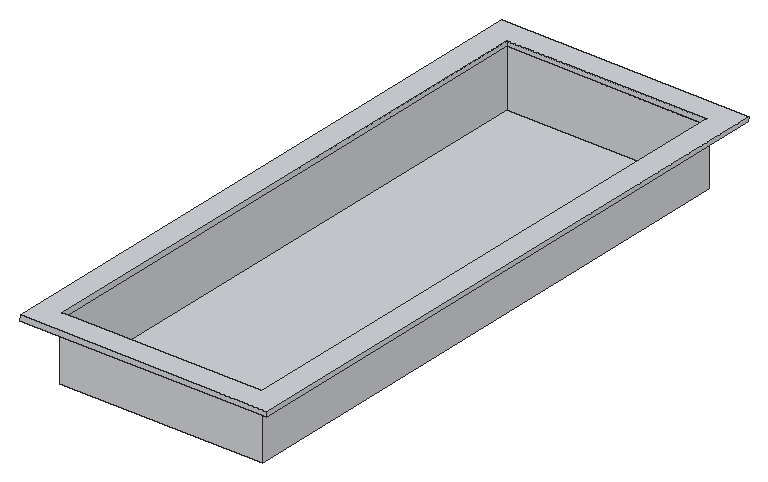
Revit family "Hager-VOLTA-Flush_mounted-Other-Without_Cover-Without_DIN-Hosted-DE-de", category Electrical Equipment, host Face, Revit 2023
Family settings
  Host = Face
  Panel Configuration = Two Columns, Circuits Across
  Round Connector Dimension = Use Diameter
  Part Type = Panelboard
  Cut with Voids When Loaded = No
  Maintain Annotation Orientation = Yes
  Shared = No
  Room Calculation Point = No
Parameters (values of type "VOLTA-Flush_mounted_W348_H880_D98_12_Modular_Spacing-VU60NK")
  Width Control [instance] = if([HG000006-Flush mounted], if([EF000846 - Einbaubreite] > min_whd, [EF000846 - Einbaubreite], min_whd), if([EF000008 - Breite] > min_whd, ([EF000008 - Breite]), min_whd))  # 314 mm
  Void Depth [instance] = if([HG000006-Flush mounted], Depth Control, 1 mm)  # 90 mm
  Uniformat code = "D501001"
  Uniformat = "Low Tension Service & Dist."
  Type Comments = ""
  System Height [instance] = Height Control - 2 * [HG000005-Dicke]  # 861 mm
  Reference description = ""
  Reference = "VOLTA-Flush_mounted_W348_H880_D98_12_Modular_Spacing-VU60NK"
  Object type = ""
  Name hager = "ADD_Enclosures_EC000214"
  Name BIM&CO = "Electricity"
  Name = "VOLTA-Flush_mounted-Other-Without_Cover-Without_DIN-DE"
  Model = ""
  HGEF0002950-Breite in Teilungseinheiten = 12
  HGEF000266-Anzahl der Reihen = 5
  HG000131 - Funktionell label [instance] = ""
  HG000130 - Functional name [instance] = ""
  HG000099-Onfly Template ID-de-DE = "507532"
  HG000060-RAL-number = "9010"
  HG000059 - Betriebsspannung [instance] = 230 V
  HG000017-Distanz zwischen den Polen = 18 mm
  HG000016-3D-Türsichtbarkeit = yes
  HG000015-Sichtbarkeit der Türöffnung = yes
  HG000014-Tür rechts = yes
  HG000013-Tür links = no
  HG000012-Türschwenkwinkel = 90.00°
  HG000011-Leere Reihen von unten = no
  HG000010-Asymmetrische Türen = no
  HG000009-Doppelflügeligen Tür = no
  HG000008-Anzahl der leeren Reihen = 0
  HG000007-Anzahl der leeren Spalten = 0
  HG000006-Flush mounted = yes
  HG000005-Dicke = 2 mm
  HG000004-Herstellerreferenz = "VU60NK"
  HG000003-Bereich = "VOLTA"
  HG000002-Mit tür = no
  HG000001-Anzahl der Spalten = 0
  GTIN (Global Trade Item Number) = ""
  ETIM class name = "Small distribution board"
  ETIM class code = "EC000214"
  EF015941 - Signaldurchlassende Tür = no
  EF015777 - Neutralleiterklemmenblock = no
  EF015776 - Erdungsklemmenblock = no
  EF009212 - Ausführung Deckel = ""
  EF006306 - Mit Schloss = no
  EF006244 - Transparenter Deckel/Tür = no
  EF005474 - Schutzart (IP) = "sonstige"
  EF004464 - Art der Tür = ""
  EF004462 - Art der Schließung = "sonstige"
  EF002950 - Breite in Teilungseinheiten = 12
  EF001596 - Werkstoff des Gehäuses = ""
  EF001134 - DIN-Schiene = no
  EF001131 - Innentiefe = 0 mm
  EF001088 - Anbaumöglichkeit = yes
  EF001062 - EMV-Ausführung = no
  EF000846 - Einbaubreite = 314 mm
  EF000339 - Art der Abdeckung = ""
  EF000332 - Einbauhöhe = 865 mm
  EF000266 - Anzahl der Reihen = 5
  EF000218 - Einbautiefe = 90 mm
  EF000118 - Mit Montageplatte = no
  EF000116 - RAL-Nummer = 9010
  EF000049 - Tiefe = 98 mm
  EF000040 - Höhe = 880 mm
  EF000024 - UV-beständig = no
  EF000008 - Breite = 348 mm
  EF000007 - Farbe = "weiß"
  EF000003 - Montageart = "Unterputz"
  Creation Date = "12/15/2025 21:44:18"
  Code hager = "ADD-EC000214_EU"
  BIM&CO code = ""
  BC_VARIANT_ID = "1174210"
  BC_OBJECT_VERSION = "#3"  # constant formula
  BC_OBJECT_ID = "513477"  # constant formula
  BC_MODEL_ID = "1547171"  # constant formula
  Arrow Offset [instance] = Depth Control / 8  # 11.25 mm
  Arrow Height [instance] = Depth Control - Arrow Offset  # 78.75 mm
  Host Offset [instance] = if([HG000006-Flush mounted], 0 mm, [EF000049 - Tiefe])  # 0 mm
  min_whd [instance] = (2 * [HG000005-Dicke]) + 1 mm  # 5 mm
  Manufacturer = "Hager"  # constant formula
  Height Control [instance] = if([HG000006-Flush mounted], if([EF000332 - Einbauhöhe] > min_whd, [EF000332 - Einbauhöhe], min_whd), if([EF000040 - Höhe] > min_whd, ([EF000040 - Höhe]), min_whd))  # 865 mm
  Flush Mounted - Door Frame Width [instance] = if(([EF000040 - Höhe] - [EF000332 - Einbauhöhe]) > 0 mm, if([HG000006-Flush mounted], [EF000040 - Höhe] - [EF000332 - Einbauhöhe], 0 mm), 0 mm)  # 15 mm
  Depth Control [instance] = if([HG000006-Flush mounted], if([EF000218 - Einbautiefe] > 0 mm, [EF000218 - Einbautiefe], 1 mm), if([EF000049 - Tiefe] > 0 mm, ([EF000049 - Tiefe]), 1 mm))  # 90 mm
  Default Elevation = 0 mm
Types (5, lengths in mm): name | System Height | Reference | HGEF000266-Anzahl der Reihen | HG000060-RAL-number | HG000004-Herstellerreferenz | EF009212 - Ausführung Deckel | EF004462 - Art der Schließung | EF001062 - EMV-Ausführung | EF000332 - Einbauhöhe | EF000266 - Anzahl der Reihen | EF000116 - RAL-Nummer | EF000049 - Tiefe | EF000040 - Höhe | EF000008 - Breite | EF000007 - Farbe | BC_VARIANT_ID | Height Control | Flush Mounted - Door Frame Width
  VOLTA-Flush_mounted_W330_H355_D94_12_Modular_Spacing-VU12NK | 342 | "VOLTA-Flush_mounted_W330_H355_D94_12_Modular_Spacing-VU12NK" | 1 | "7035" | "VU12NK" | "geschlossen" | "" | yes | 346 | 1 | 7035 | 94 | 355 | 330 | "grau" | "1174205" | 346 | 9
  VOLTA-Flush_mounted_W348_H505_D98_12_Modular_Spacing-VU24NK | 467 | "VOLTA-Flush_mounted_W348_H505_D98_12_Modular_Spacing-VU24NK" | 2 | "9010" | "VU24NK" | "" | "sonstige" | no | 471 | 2 | 9010 | 98 | 505 | 348 | "weiß" | "1174206" | 471 | 34
  VOLTA-Flush_mounted_W348_H630_D98_12_Modular_Spacing-VU36NK | 592 | "VOLTA-Flush_mounted_W348_H630_D98_12_Modular_Spacing-VU36NK" | 3 | "9010" | "VU36NK" | "" | "sonstige" | no | 596 | 3 | 9010 | 98 | 630 | 348 | "weiß" | "1174208" | 596 | 34
  VOLTA-Flush_mounted_W348_H755_D98_12_Modular_Spacing-VU48NK | 717 | "VOLTA-Flush_mounted_W348_H755_D98_12_Modular_Spacing-VU48NK" | 4 | "9010" | "VU48NK" | "" | "sonstige" | no | 721 | 4 | 9010 | 98 | 755 | 348 | "weiß" | "1174209" | 721 | 34
  VOLTA-Flush_mounted_W348_H880_D98_12_Modular_Spacing-VU60NK | 861 | "VOLTA-Flush_mounted_W348_H880_D98_12_Modular_Spacing-VU60NK" | 5 | "9010" | "VU60NK" | "" | "sonstige" | no | 865 | 5 | 9010 | 98 | 880 | 348 | "weiß" | "1174210" | 865 | 15
Reference planes
  plane 1 "Center (Front/Back)": y = 0
  plane 2: z = 0
  plane 3 "Center (Left/Right)": x = 0
  plane 4: z = 0
  plane 5: y = 17
  plane 6: z = -5
  plane 7: y = 447.5
  plane 8: y = 15
  plane 9: y = 880
  plane 10: z = -90
  plane 11: x = -157
  plane 12: x = 157
  plane 13: x = 155
  plane 14: x = -155
  plane 15: y = 878
  plane 16: z = -88
  plane 17: z = -2
  plane 18: z = -90
  plane 19: z = -2
  plane 20 "Annotation H": y = -100
  plane 21 "Annotation V": x = 457
Forms (mm)
  Extrusion 1, solid
    sketch origin (-583.045, 15, 1219.2) x (-1, 0, 0) y (0, 0, 1)
      loop
        line (-426.045, -1219.2) -> (-740.045, -1219.2) -> (-740.045, -1309.2) -> (-426.045, -1309.2) -> (-426.045, -1219.2)
    from 0 to 865 <- "Height Control"
  Extrusion 2, void
    sketch origin (-381.607, -4572, 0) x (0, -1, 0) y (-1, 0, 0)
      loop
        line (-5450, -226.607) -> (-5450, -536.607) -> (-4589, -536.607) -> (-4589, -226.607) -> (-5450, -226.607)
    from 0 to 88
  Extrusion 3, void
    sketch origin (0, 0, 0) x (1, 0, 0) y (0, 1, 0)
      loop
        line (-157, 15) -> (157, 15) -> (157, 880) -> (-157, 880) -> (-157, 15)
    from -90 to 1
  Extrusion 4, solid, detail levels coarse+medium
    sketch origin (-381.607, -4572, 0) x (-1, 0, 0) y (0, -1, 0)
      loop
        line (-226.607, -5450) -> (-226.607, -4589) -> (-536.607, -4589) -> (-536.607, -5450) -> (-226.607, -5450)
    from 0 to -2
Cuts and joins
  Extrusion 2 cuts Extrusion 1
Dimensions and locks
  plane 4 to plane 6 = 5 mm
  "Host Offset": plane 4 to host face
  "Flush Mounted - Door Frame Width": plane 1 "Center (Front/Back)" to plane 8
  "HG000005-Dicke": plane 5 to plane 8
  locked: connector elem to plane 3 "Center (Left/Right)"
  "Height Control": plane 9 to plane 8
  equal spacing: plane 9, plane 7, plane 8
  locked: connector elem to plane 7
  "Depth Control": plane 4 to plane 10
  "HG000005-Dicke": plane 11 to plane 14
  "HG000005-Dicke": plane 12 to plane 13
  equal spacing: plane 11, plane 3 "Center (Left/Right)", plane 12
  "Width Control": plane 11 to plane 12
  "Arrow Offset": nested 4 to plane 10
  "HG000005-Dicke": plane 9 to plane 15
  "HG000005-Dicke": plane 16 to plane 10
  "HG000005-Dicke": plane 4 to plane 17
  "Void Depth": plane 2 to plane 18
  "HG000005-Dicke": plane 4 to plane 19
  locked: plane 20 "Annotation H" to plane 1 "Center (Front/Back)" at 100
  locked: plane 12 to plane 21 "Annotation V" at 300
  aligned and locked: plane 2 to host face
  aligned and locked: level to host face
  aligned and locked: plane 3 "Center (Left/Right)" to nested 2
  aligned and locked: plane 4 to nested 2
  aligned and locked: nested 2 to plane 8
  aligned and locked: nested 1 to plane 6
  aligned and locked: plane 5 to nested 1
  aligned and locked: nested 4 to plane 11
  aligned and locked: nested 3 to plane 4
  aligned and locked: Extrusion 1 sketch curve to plane 12
  aligned and locked: Extrusion 1 sketch curve to plane 11
  aligned and locked: nested 3 to plane 10
  aligned and locked: plane 10 to Extrusion 1 sketch curve
  aligned and locked: plane 5 to Extrusion 2 sketch curve
  aligned and locked: Extrusion 2 sketch curve to plane 15
  aligned and locked: Extrusion 2 sketch curve to plane 14
  aligned and locked: Extrusion 2 sketch curve to plane 13
  aligned and locked: plane 11 to Extrusion 3 sketch curve
  aligned and locked: plane 9 to Extrusion 3 sketch curve
  aligned and locked: Extrusion 3 sketch curve to plane 8
  aligned and locked: plane 12 to Extrusion 3 sketch curve
  aligned and locked: nested 3 to plane 12
  aligned and locked: Extrusion 3 to plane 18
  aligned and locked: Extrusion 2 to plane 16
  aligned and locked: Extrusion 1 sketch curve to plane 4
  aligned and locked: Extrusion 4 to plane 17
  aligned and locked: Extrusion 4 sketch curve to plane 15
  aligned and locked: Extrusion 4 sketch curve to plane 13
  aligned and locked: Extrusion 4 sketch curve to plane 14
  aligned and locked: plane 5 to Extrusion 4 sketch curve
  aligned and locked: nested 5 to plane 21 "Annotation V"
  aligned and locked: plane 20 "Annotation H" to nested 5
Automatic sketch dimensions
  host sketch curve to host sketch curve = 1469.727 mm
  host sketch curve to host sketch curve = 1434.803 mm
Nested families
  nested 1: "Hager_Enclosure_System" at (0, 17, -5) x (1, 0, 0) z (0, 1, 0), Height <- "System Height", Flush_Mounted <- "HG000006-Flush mounted", Width_Control <- "Width Control", Built-in_Width <- "EF000846 - Einbaubreite", Width <- "EF000008 - Breite", Depth <- "HG000005-Dicke", Border <- "HG000005-Dicke", Distance_Between_Poles <- "HG000017-Distanz zwischen den Polen", Empty_Columns <- "HG000007-Anzahl der leeren Spalten", Total_No_Empty_Rows <- "HG000008-Anzahl der leeren Reihen", Empty_Rows_From_Bottom <- "HG000011-Leere Reihen von unten", Columns_Count <- "HG000001-Anzahl der Spalten", Rows_Count <- "HGEF000266-Anzahl der Reihen", Row_Module_Multiplicator <- "HGEF0002950-Breite in Teilungseinheiten", type "Hager_Enclosure_System", detail levels fine
    with Width_Control 314 mm, Width 348 mm, Total_No_Rows 5, Total_No_Empty_Rows 0, Total_No_Columns 1, System_Width 310 mm, Rows_Count 5, Rows_Column 5, Row_Module_Multiplicator 12, Panel_4 no, Panel_3 no, Panel_2 no, Panel_1 no, No_Panels_Ctrl 1, Hide_Columns yes, Height 861 mm, Flush_Mounted yes, Empty_Rows_From_Bottom no, Empty_Rows_Column 0, Empty_Columns 0, Empty column 4 0, Empty column 3 0, Empty column 2 0, Empty column 1 0, Distance_Between_Poles 18 mm, Depth 2 mm, Columns_Count 0, Column_Width 310 mm, Built-in_Width 314 mm, Border 2 mm
  nested 2: "Hager_Enclosure_Door" at (0, 15, 0) x (1, 0, 0) z (0, 1, 0), Flush_Mounted <- "HG000006-Flush mounted", Height_Ctrl <- "Height Control", Width_Ctrl <- "Width Control", BuiltIn_Depth <- "EF000218 - Einbautiefe", Depth <- "EF000049 - Tiefe", BuiltIn_Width <- "EF000846 - Einbaubreite", Height <- "EF000040 - Höhe", BuiltIn_Height <- "EF000332 - Einbauhöhe", Width <- "EF000008 - Breite", Transparent <- "EF006244 - Transparenter Deckel/Tür", Border <- "HG000005-Dicke", Door <- "HG000002-Mit tür", Double <- "HG000009-Doppelflügeligen Tür", Assymetrical <- "HG000010-Asymmetrische Türen", Angle <- "HG000012-Türschwenkwinkel", Door_Left <- "HG000013-Tür links", Door_Right <- "HG000014-Tür rechts", Clearance <- "HG000015-Sichtbarkeit der Türöffnung", 3d_Door <- "HG000016-3D-Türsichtbarkeit", type "Hager_Enclosure_Door", detail levels medium+fine
    with min_wh 5 mm, Width_Ctrl 314 mm, Width 348 mm, Transparent_Door_No_Bottom_Border no, Transparent no, Leaf_Width 307 mm, Leaf_Tolerance 1.5 mm, Leaf_Height 858 mm, Leaf_2_Width 307 mm, Leaf_2_Offset 153.5 mm, Leaf_1_Width 307 mm, Leaf_1_Offset 153.5 mm, Height_Ctrl 865 mm, Height 880 mm, Frame_Width_Ctrl 34 mm, Frame_Width 34 mm, Frame_Internal_Offset 2 mm, Frame_Height_Ctrl 15 mm, Frame_Height 15 mm, Frame_Depth_Ctrl 8 mm, Frame_Depth 8 mm, Flush_Mounted yes, Double_Clearance_Ctrl no, Double no, Door_Right_Ctrl no, Door_Right yes, Door_Left_Ctrl no, Door_Left no, Door no, Depth 98 mm, Clearance_Depth 307 mm, Clearance_Ctrl yes, Clearance yes, BuiltIn_Width 314 mm, BuiltIn_Height 865 mm, BuiltIn_Depth 90 mm, Border 2 mm, Assymetrical no, Angle 90.00°, 3d_Door yes
  nested 3: "Hager_Enclosure_Symbol_Triangle" at (-157, 0, -90) x (1, 0, 0) z (0, -1, 0), Depth <- "Depth Control", Width <- "Width Control", type "Hager_Enclosure_Symbol_Triangle"
    with Width_Ctrl 314 mm, Width 314 mm, Depth_Ctrl 90 mm, Depth 90 mm
  nested 4: "Hager_Enclosure_Symbol_Arrow" at (-157, 0, -78.75) x (1, 0, 0) z (0, -1, 0), Height <- "Arrow Height", type "Hager_Enclosure_Symbol_Arrow"
    with Width_Inside 5.906 mm, Width 70.875 mm, Height_Ctrl 78.75 mm, Height 78.75 mm
  nested 5: "Hager_Annotation-HG000130" at (457, -100, 0) x (-1, 0, 0) z (0, 0, 1), HG000130 - Functional name <- "HG000130 - Functional name", type "Hager_Annotation-HG000130"
    with HG000130 - Functional name ""
Connectors
  electrical at (0, 447.5, -90)
    settings: on plane 10, index 1, voltage 0 V, apparent load 0 VA, apparent load phase1 0 VA, apparent load phase2 0 VA, apparent load phase3 0 VA, power factor 1, load classification "Other", number of poles 1, system type 30, power factor state 1, is connector primary yes, connector utility no, sub classification motor no, connector description ""
Definition of nested family "Hager_Enclosure_Door"
  Parameters (values of type "Hager_Enclosure_Door")
    min_wh [instance] = (2 * Border) + 1 mm  # 11 mm
    Width_Ctrl [instance] = 400 mm
    Width [instance] = 500 mm
    Transparent_Door_No_Bottom_Border [instance] = no
    Transparent [instance] = yes
    Leaf_Width [instance] = if((Width_Ctrl - 2 * Border - 2 * Leaf_Tolerance) > 0 mm, (Width_Ctrl - 2 * Border - 2 * Leaf_Tolerance), min_wh)  # 387 mm
    Leaf_Tolerance [instance] = 1.5 mm  # constant formula
    Leaf_Height [instance] = if((Height_Ctrl - 2 * Border - 2 * Leaf_Tolerance) > 0 mm, (Height_Ctrl - 2 * Border - 2 * Leaf_Tolerance), min_wh)  # 387 mm
    Leaf_2_Width [instance] = if(and(and(Double, Assymetrical), Door_Left), (Leaf_Width / 3) - (Leaf_Tolerance / 2), if(and(and(Double, Assymetrical), Door_Right), (Leaf_Width / 3) * 2 - (Leaf_Tolerance / 2), if(and(Double, not(Assymetrical)), (Leaf_Width / 2) - Leaf_Tolerance, Leaf_Width)))  # 387 mm
    Leaf_2_Offset [instance] = if(and(Double, Assymetrical), Leaf_2_Width / 2, if(and(Double, not(Assymetrical)), Leaf_Width / 4, Leaf_Width / 2))  # 193.5 mm
    Leaf_1_Width [instance] = if(and(and(Double, Assymetrical), Door_Right), (Leaf_Width / 3) - (Leaf_Tolerance / 2), if(and(and(Double, Assymetrical), Door_Left), (Width / 3) * 2 - (Leaf_Tolerance / 2), if(and(Double, not(Assymetrical)), (Leaf_Width / 2) - Leaf_Tolerance, Leaf_Width)))  # 387 mm
    Leaf_1_Offset [instance] = if(and(Double, Assymetrical), Leaf_1_Width / 2, if(and(Double, not(Assymetrical)), Leaf_Width / 4, Leaf_Width / 2))  # 193.5 mm
    Height_Ctrl [instance] = 400 mm
    Height [instance] = 500 mm
    Frame_Width_Ctrl [instance] = if(Frame_Width > 0 mm, Frame_Width, 1 mm)  # 1 mm
    Frame_Width [instance] = Width - BuiltIn_Width  # 0 mm
    Frame_Internal_Offset [instance] = if(Flush_Mounted, Border, 0 mm)  # 5 mm
    Frame_Height_Ctrl [instance] = if(Frame_Height > 0 mm, Frame_Height, 1 mm)  # 1 mm
    Frame_Height [instance] = Height - BuiltIn_Height  # 0 mm
    Frame_Depth_Ctrl [instance] = if(Frame_Depth > 0 mm, Frame_Depth, 1 mm)  # 1 mm
    Frame_Depth [instance] = if(Depth - BuiltIn_Depth > 0 mm, if(Flush_Mounted, Depth - BuiltIn_Depth, 0 mm), 0 mm)  # 0 mm
    Flush_Mounted [instance] = yes
    Double_Clearance_Ctrl [instance] = and(Double, Clearance)  # no
    Double [instance] = no
    Door_Right_Ctrl [instance] = and(or(Door_Right, Double), Door)  # yes
    Door_Right [instance] = yes
    Door_Left_Ctrl [instance] = and(or(Door_Left, Double), Door)  # no
    Door_Left [instance] = no
    Door [instance] = yes
    Depth [instance] = 500 mm
    Default Elevation = 1219.2 mm
    Clearance_Material = none
    Clearance_Depth [instance] = if(Leaf_1_Width > Leaf_2_Width, Leaf_1_Width, Leaf_2_Width)  # 387 mm
    Clearance_Ctrl [instance] = and(not(Double), Clearance)  # yes
    Clearance [instance] = yes
    BuiltIn_Width [instance] = 500 mm
    BuiltIn_Height [instance] = 500 mm
    BuiltIn_Depth [instance] = 500 mm
    Border [instance] = 5 mm
    Assymetrical [instance] = yes
    Angle [instance] = 30.00°
    3d_Door [instance] = yes
  Reference planes
    plane 1 "Center (Front/Back)": y = 0
    plane 2 "Bottom": z = 0
    plane 3 "Center (Left/Right)": x = 0
    plane 4: z = 400
    plane 5: x = -200
    plane 6: x = 200
    plane 7: z = 395
    plane 8: x = -195
    plane 9: z = 5
    plane 10: x = 195
    plane 11: y = 0
    plane 12: z = 6.5
    plane 13: x = -582
    plane 14: y = -387
    plane 15: x = 582
    plane 16: x = 0
    plane 17: x = 0
    plane 18: x = -193.5
    plane 19: x = 193.5
    plane 20: z = 393.5
  Forms (mm)
    Extrusion 1, solid, visible <- "Flush_Mounted"
      sketch origin (0, 0, 0) x (1, 0, 0) y (0, 0, 1)
        loop
          line (195, 5) -> (195, 395) -> (-195, 395) -> (-195, 5) -> (195, 5)
        loop
          line (-201, 401) -> (-201, -1) -> (201, -1) -> (201, 401) -> (-201, 401)
      from 0 to 1 <- "Frame_Depth_Ctrl"
    Extrusion 2, solid, material <- "Clearance_Material", visible <- "Double_Clearance_Ctrl"
      sketch origin (1200, 0, 0) x (1, 0, 0) y (0, 0, -1)
        loop
          line (-1782, -393.5) -> (-618, -393.5) -> (-618, 0) -> (-1782, 0) -> (-1782, -393.5)
      from 0 to -387
  Dimensions and locks
    equal spacing: plane 5, plane 3 "Center (Left/Right)", plane 6
    "Width_Ctrl": plane 5 to plane 6
    "Border": plane 5 to plane 8
    "Border": plane 6 to plane 10
    "Border": plane 9 to level
    "Border": plane 4 to plane 7
    "Height_Ctrl": plane 4 to level
    "Leaf_Tolerance": plane 12 to plane 9
    "Frame_Depth": plane 11 to plane 1 "Center (Front/Back)"
    "Frame_Width_Ctrl": plane 5 to Extrusion 1 sketch curve
    "Frame_Width_Ctrl": plane 6 to Extrusion 1 sketch curve
    "Frame_Width_Ctrl": Extrusion 1 sketch curve to plane 4
    "Frame_Width_Ctrl": plane 2 "Bottom" to Extrusion 1 sketch curve
    "Leaf_1_Offset": plane 18 to plane 16
    "Leaf_2_Offset": plane 17 to plane 19
    "Leaf_1_Width": plane 13 to plane 8
    "Leaf_2_Width": plane 10 to plane 15
    "Clearance_Depth": plane 14 to plane 1 "Center (Front/Back)"
    "Leaf_Tolerance": plane 8 to plane 18
    "Leaf_Tolerance": plane 19 to plane 10
    "Leaf_Tolerance": plane 7 to plane 20
    "Frame_Internal_Offset": plane 5 to Extrusion 1 sketch curve
    "Frame_Internal_Offset": Extrusion 1 sketch curve to plane 2 "Bottom"
    "Frame_Internal_Offset": plane 6 to Extrusion 1 sketch curve
    "Frame_Internal_Offset": plane 4 to Extrusion 1 sketch curve
    aligned and locked: level to plane 2 "Bottom"
    aligned and locked: nested 1 to plane 16
    aligned and locked: nested 2 to plane 17
    aligned and locked: Extrusion 2 to plane 13
    aligned and locked: plane 15 to Extrusion 2
    aligned and locked: Extrusion 2 to plane 14
    aligned and locked: plane 12 to nested 1
    aligned and locked: nested 2 to plane 12
    aligned and locked: Extrusion 2 to plane 11
    aligned and locked: plane 20 to Extrusion 2
    aligned and locked: nested 2 to plane 11
    aligned and locked: nested 1 to plane 11
  Automatic sketch dimensions
    Extrusion 2 sketch curve to level = 0 mm
    plane 5 to Extrusion 2 sketch curve = 382 mm
    plane 6 to Extrusion 2 sketch curve = 382 mm
    Extrusion 2 sketch curve to plane 4 = 6.5 mm
  Nested families
    nested 1: "Hager_Enclosure_Door_Leaf" at (0, 0, 6.5), Width <- "Leaf_1_Width", visible <- "Door_Left_Ctrl", Leaf_Height <- "Leaf_Height", Angle <- "Angle", Depth <- "Border", 3d_Door <- "3d_Door", Transparent <- "Transparent", Clearance Material <- "Clearance_Material", Clearance <- "Clearance_Ctrl", Transparent_Door_No_Bottom_Border <- "Transparent_Door_No_Bottom_Border", type "Hager_Enclosure_Door_Leaf"
      with Width 387 mm, Transparent_Door_No_Bottom_Border no, Transparent_Door_Border_Bottom_Top 25 mm, Transparent_Door_Border 25 mm, Transparent_Ctrl yes, Transparent yes, Standard no, Leaf_Height 387 mm, Glass_Offset 1 mm, Depth 5 mm, Clearance Material none, Clearance yes, Angle_Ctrl 30.00°, Angle 30.00°, 3d_Door yes
    nested 2: "Hager_Enclosure_Door_Leaf" at (0, 0, 6.5) x (-1, 0, 0) z (0, 0, 1), Width <- "Leaf_2_Width", visible <- "Door_Right_Ctrl", Leaf_Height <- "Leaf_Height", Angle <- "Angle", Depth <- "Border", 3d_Door <- "3d_Door", Transparent <- "Transparent", Clearance Material <- "Clearance_Material", Clearance <- "Clearance_Ctrl", Transparent_Door_No_Bottom_Border <- "Transparent_Door_No_Bottom_Border", type "Hager_Enclosure_Door_Leaf"
      with Width 387 mm, Transparent_Door_No_Bottom_Border no, Transparent_Door_Border_Bottom_Top 25 mm, Transparent_Door_Border 25 mm, Transparent_Ctrl yes, Transparent yes, Standard no, Leaf_Height 387 mm, Glass_Offset 1 mm, Depth 5 mm, Clearance Material none, Clearance yes, Angle_Ctrl 30.00°, Angle 30.00°, 3d_Door yes
  Definition of nested family "Hager_Enclosure_Door_Leaf"
    Parameters (values of type "Hager_Enclosure_Door_Leaf")
      Width [instance] = 2000 mm
      Transparent_Door_No_Bottom_Border [instance] = yes
      Transparent_Door_Border_Bottom_Top [instance] = if(Transparent_Door_No_Bottom_Border, 0.1 mm, Transparent_Door_Border)  # 0.1 mm
      Transparent_Door_Border [instance] = if(Transparent_Door_No_Bottom_Border, (Width * 0.12), 25 mm)  # 240 mm
      Transparent_Ctrl [instance] = and(Transparent, [3d_Door])  # yes
      Transparent [instance] = yes
      Standard [instance] = and(not(Transparent), [3d_Door])  # no
      Leaf_Height [instance] = 2720.336 mm
      Glass_Offset [instance] = if((Depth - 10 mm) / 2 > 0 mm, (Depth - 10 mm) / 2, 1 mm)  # 15 mm
      Glass_Material = none
      Depth [instance] = 40 mm
      Default Elevation = 0 mm
      Clearance Material [instance] = none
      Clearance [instance] = yes
      Angle_Ctrl [instance] = if(Angle > 170.00°, 170.00°, Angle)  # 45.00°
      Angle [instance] = 45.00°
      3d_Door [instance] = yes
    Reference planes
      plane 1 "Center (Front/Back)": y = 0
      plane 2: z = 0
      plane 3 "Center (Left/Right)": x = 0
      plane 4: y = 2000
      plane 5: x = -1000
      plane 6: x = 1000
      plane 7: x = -3000
      plane 8: z = 2720.336
      plane 9: z = 0.1
      plane 10: z = 2720.236
      plane 11: x = 760
      plane 12: x = -760
    Forms (mm)
      Extrusion 1, solid, material <- "Clearance Material", visible <- "Clearance"
        sketch origin (0, 0, 0) x (1, 0, 0) y (0, 0, 1)
          loop
            line (-3000, 2720.336) -> (-3000, 0) -> (1000, 0) -> (1000, 2720.336) -> (-3000, 2720.336)
        from 0 to -2000
      Extrusion 2, solid, visible <- "Standard", detail levels medium+fine
        sketch origin (-1000, 0, 0) x (0.707107, 0.707107, 0) y (-0.707107, 0.707107, 0)
          loop
            line (0, -40) -> (2000, -40) -> (2000, 0) -> (0, 0) -> (0, -40)
        from 0 to 2720.336 <- "Leaf_Height"
      Extrusion 3, solid, visible <- "Transparent_Ctrl", detail levels medium+fine
        sketch origin (-1000, 0, 0) x (0.707107, 0.707107, 0) y (-0.707107, 0.707107, 0)
          loop
            line (0, -40) -> (2000, -40) -> (2000, 0) -> (0, 0) -> (0, -40)
        from 0 to 2720.336 <- "Leaf_Height"
      Extrusion 4, void, detail levels medium+fine
        sketch origin (-1000, 0, 0) x (-0.707107, 0.707107, 0) y (0.707107, 0.707107, 0)
          loop
            line (0, 240) -> (0, 1760) -> (-40, 1760) -> (-40, 240) -> (0, 240)
        from -2720.236 to -0.1
      Extrusion 5, solid, material <- "Glass_Material", visible <- "Transparent_Ctrl", detail levels medium+fine
        sketch origin (-1000, 0, 0) x (0.707107, 0.707107, 0) y (-0.707107, 0.707107, 0)
          loop
            line (240, -15) -> (240, -25) -> (1760, -25) -> (1760, -15) -> (240, -15)
        from 0.1 to 2720.236
    Cuts and joins
      Extrusion 4 cuts Extrusion 3
    Lines and regions (mm)
      symbolic lines
        curve 1: line (1000, 0, 0) -> (-3000, 0, 0)
        curve 2: arc (1000, 0, 0) -> (-1000, 2000, 0) -> (-3000, 0, 0) r 2000
        curve 4: line (-1000, 0, 0) -> (414.214, 1414.214, 0)
      reference lines
        curve 3: line (-1000, 0, 0) -> (414.214, 1414.214, 0)
      symbolic lines, detail levels medium+fine
        curve 5: line (414.214, 1414.214, 0) -> (442.498, 1385.929, 0)
        curve 6: line (442.498, 1385.929, 0) -> (-971.716, -28.284, 0)
        curve 7: line (-971.716, -28.284, 0) -> (-1000, 0, 0)
        curve 8: line (-1000, 0, 2720.336) -> (1000, 0, 2720.336)
        curve 9: line (-1000, 0, 0) -> (-1000, 0, 2720.336)
        curve 10: line (1000, 0, 0) -> (-1000, 0, 0)
        curve 11: line (1000, 0, 2720.336) -> (1000, 0, 0)
      symbolic lines, visible <- "Transparent_Ctrl", detail levels medium+fine
        curve 12: line (-760, 0, 2720.236) -> (760, 0, 2720.236)
        curve 13: line (-760, 0, 0.1) -> (-760, 0, 2720.236)
        curve 14: line (760, 0, 0.1) -> (-760, 0, 0.1)
        curve 15: line (760, 0, 2720.236) -> (760, 0, 0.1)
    Dimensions and locks
      "Width": plane 1 "Center (Front/Back)" to plane 4
      equal spacing: plane 5, plane 3 "Center (Left/Right)", plane 6
      "Width": plane 5 to plane 6
      "Width": plane 7 to plane 5
      "Leaf_Height": plane 8 to level
      "Depth": curve 6 to curve 3
      "Width": curve 5 to curve 3
      "Width": curve 3 to curve 3
      "Transparent_Door_Border": Extrusion 4 sketch curve to curve 7
      "Transparent_Door_Border": Extrusion 4 sketch curve to curve 5
      "Transparent_Door_Border_Bottom_Top": plane 8 to plane 10
      "Transparent_Door_Border_Bottom_Top": plane 9 to level
      "Glass_Offset": Extrusion 5 sketch curve to curve 4
      "Glass_Offset": Extrusion 5 sketch curve to curve 6
      "Transparent_Door_Border": Extrusion 5 sketch curve to curve 5
      "Transparent_Door_Border": Extrusion 5 sketch curve to curve 7
      "Transparent_Door_Border": plane 12 to plane 5
      "Transparent_Door_Border": plane 6 to plane 11
      "Angle_Ctrl": angle plane 1 "Center (Front/Back)" to curve 3
      aligned and locked: level to plane 2
      aligned and locked: Extrusion 1 to curve 1
      aligned and locked: plane 6 to Extrusion 1
      aligned and locked: Extrusion 1 to plane 1 "Center (Front/Back)"
      aligned and locked: plane 4 to Extrusion 1
      aligned and locked: plane 8 to Extrusion 1
      aligned and locked: curve 4 to curve 3
      aligned and locked: Extrusion 2 sketch curve to curve 7
      aligned and locked: Extrusion 2 sketch curve to curve 6
      aligned and locked: Extrusion 2 sketch curve to curve 5
      aligned and locked: Extrusion 2 sketch curve to curve 3
      aligned and locked: curve 7 to Extrusion 3 sketch curve
      aligned and locked: Extrusion 3 sketch curve to curve 4
      aligned and locked: Extrusion 3 sketch curve to curve 6
      aligned and locked: Extrusion 3 sketch curve to curve 5
      aligned and locked: curve 4 to Extrusion 4 sketch curve
      aligned and locked: curve 6 to Extrusion 4 sketch curve
      aligned and locked: Extrusion 4 to plane 9
      aligned and locked: Extrusion 4 to plane 10
      aligned and locked: Extrusion 5 to plane 9
      aligned and locked: Extrusion 5 to plane 10
      aligned and locked: curve 8 to plane 8
      aligned and locked: plane 5 to curve 9
      aligned and locked: plane 2 to curve 10
      aligned and locked: curve 11 to plane 6
      aligned and locked: plane 10 to curve 12
      aligned and locked: plane 12 to curve 13
      aligned and locked: curve 14 to plane 9
      aligned and locked: plane 11 to curve 15
    Automatic sketch dimensions
      plane 1 "Center (Front/Back)" to curve 2 = 0 mm
      curve 2 to plane 5 = 0 mm
      Extrusion 1 sketch curve to level = 0 mm
      Extrusion 1 sketch curve to plane 7 = 0 mm
      Extrusion 1 sketch curve to plane 6 = 0 mm
      Extrusion 1 sketch curve to plane 8 = 0 mm
      plane 1 "Center (Front/Back)" to curve 3 = 0 mm
      curve 3 to plane 5 = 0 mm
      curve 7 to curve 3 = 0 mm
Definition of nested family "Hager_Enclosure_Symbol_Triangle"
  Parameters (values of type "Hager_Enclosure_Symbol_Triangle")
    Width_Ctrl [instance] = if(Width > 1 mm, Width, 1 mm)  # 498 mm
    Width [instance] = 498 mm
    Depth_Ctrl [instance] = if(Depth > 1 mm, Depth, 1 mm)  # 72 mm
    Depth [instance] = 72 mm
  Reference planes
    plane 1 "Centre (avant/arrière)": y = 0
    plane 2: z = 0
    plane 3 "Centre (gauche/droite)": x = 0
  Lines and regions (mm)
    Filled region 1, type "Solid_Black", in view "Niveau de réf."
      outline origin (0, 0, 0) x (1, 0, 0) y (0, 1, 0)
        loop
          line (0, 0) -> (498, 0) -> (498, 72) -> (0, 0)
    reference lines, in view "Niveau de réf."
      curve 1: line (-206.153, 72, 0) -> (1083.258, 72, 0)
      curve 2: line (498, 405.456, 0) -> (498, -517.619, 0)
  Dimensions and locks
    "Depth_Ctrl": plane 1 "Centre (avant/arrière)" to curve 1
    "Width_Ctrl": plane 3 "Centre (gauche/droite)" to curve 2
    aligned and locked: curve 1 to Filled region 1 sketch curve
    aligned and locked: Filled region 1 sketch curve to plane 1 "Centre (avant/arrière)"
    aligned and locked: curve 2 to Filled region 1 sketch curve
    aligned and locked: plane 3 "Centre (gauche/droite)" to Filled region 1 sketch curve
    aligned and locked: plane 1 "Centre (avant/arrière)" to Filled region 1 sketch curve
  Automatic sketch dimensions
    curve 1 to plane 3 "Centre (gauche/droite)" = 206.153 mm
    curve 2 to curve 1 = 585.258 mm
    plane 1 "Centre (avant/arrière)" to curve 2 = 517.619 mm
    curve 2 to plane 1 "Centre (avant/arrière)" = 405.456 mm
Definition of nested family "Hager_Enclosure_Symbol_Arrow"
  Parameters (values of type "Hager_Enclosure_Symbol_Arrow")
    Width_Inside [instance] = if(Width / 12 > 2 mm, Width / 12, 2 mm)  # 4.987 mm
    Width [instance] = if(Height_Ctrl * 0.9 > 2 mm, Height_Ctrl * 0.9, 2 mm)  # 59.85 mm
    Height_Ctrl [instance] = if(Height > 2 mm, Height, 2 mm)  # 66.5 mm
    Height [instance] = 66.5 mm
  Reference planes
    plane 1 "Centre (avant/arrière)": y = 0
    plane 2: z = 0
    plane 3 "Centre (gauche/droite)": x = 0
    plane 4: x = 59.85
    plane 5: y = 28.263
    plane 6: y = 38.238
    plane 7: y = 66.5
    plane 8: x = 29.925
    plane 9: y = 33.25
  Lines and regions (mm)
    Filled region 1, type "Solid_Black", in view "Niveau de réf."
      outline origin (0, 0, 0) x (1, 0, 0) y (0, 1, 0)
        loop
          line (59.85, 66.5) -> (37.929, 52.827) -> (51.846, 41.935) -> (59.85, 66.5)
    detail lines, in view "Niveau de réf."
      curve 1: line (0, 0, 0) -> (29.925, 38.238, 0)
      curve 2: line (29.925, 38.238, 0) -> (29.925, 28.263, 0)
      curve 3: line (29.925, 28.263, 0) -> (59.85, 66.5, 0)
  Dimensions and locks
    "Width": plane 3 "Centre (gauche/droite)" to plane 4
    "Height_Ctrl": plane 7 to plane 1 "Centre (avant/arrière)"
    equal spacing: plane 3 "Centre (gauche/droite)", plane 8, plane 4
    equal spacing: plane 7, plane 9, plane 1 "Centre (avant/arrière)"
    equal spacing: plane 6, plane 9, plane 5
    "Width_Inside": plane 6 to plane 9
    equal spacing: curve 3, Filled region 1 sketch curve, Filled region 1 sketch curve
    angle Filled region 1 sketch curve to curve 3 = 20.00°
    angle curve 3 to Filled region 1 sketch curve = 20.00°
    locked: curve 3 to Filled region 1 sketch curve (angle 90.00°)
  Automatic sketch dimensions
    plane 1 "Centre (avant/arrière)" to curve 1 = 0 mm
    curve 1 to plane 3 "Centre (gauche/droite)" = 0 mm
    curve 2 to plane 6 = 0 mm
    curve 3 to plane 8 = 0 mm
    curve 3 to plane 4 = 0 mm
    curve 2 to plane 5 = 0 mm
    curve 3 to plane 7 = 0 mm
    Filled region 1 sketch curve to plane 4 = 0 mm
    Filled region 1 sketch curve to plane 7 = 0 mm
Definition of nested family "Hager_Annotation-HG000130"
  Parameters (values of type "Hager_Annotation-HG000130")
    HG000130 - Functional name [instance] = ""
  Reference planes
    plane 1: y = 0
    plane 2: x = 0
  Lines and regions (mm)
    detail lines
      curve 1: line (-27.5, 10, 0) -> (27.5, 10, 0)
      curve 2: line (-27.5, -10, 0) -> (-27.5, 10, 0)
      curve 3: line (27.5, -10, 0) -> (-27.5, -10, 0)
      curve 4: line (27.5, 10, 0) -> (27.5, -10, 0)
  Text (mm)
    label "HG000130 - Functional name" at (0.16, 0.026, 0), shows "HG000130 - Functional name"
